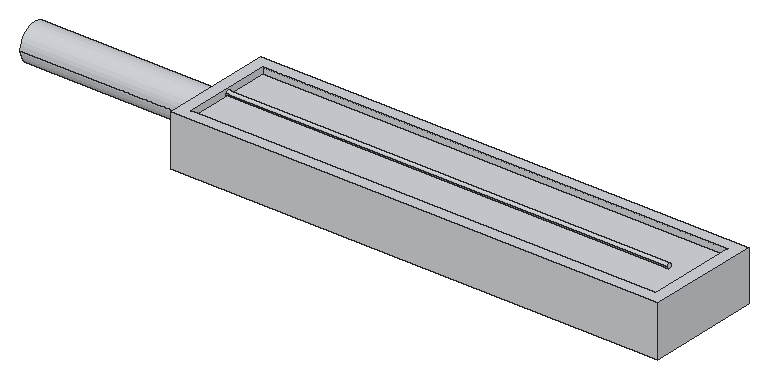
Revit family "ae80429d2f2e4f6da438d65d18c90d53", category Pipe Accessories, Revit 2021
Family settings
  Round Connector Dimension = Use Radius
  Part Type = Sensor
  OmniClass Number = 23.60.10.11
  OmniClass Title = Temperature Measuring Instruments
  Seek Item ID = Temperature Gauge-0000-USA-ENU
  Work Plane-Based = No
  Always vertical = Yes
  Cut with Voids When Loaded = No
  Shared = No
Parameters (values of type "6" Stem - 3/4"")
  Thickness 2 = Thickness / 24  # 0' - 0.04427"
  Thickness 1 = Thickness / 4 + Thickness / 8  # 0' - 0 51/128"
  Loss Method = Not Defined
  Length 2 = 2 * Length 1  # 0' - 0.475"
  Length = 0' - 2 3/8"
  Thickness = 0' - 1 1/16"
  Stem Length = 0' - 6"
  Nominal Radius = 3/8"
  Nominal Diameter = Nominal Radius * 2  # 3/4"
  Length 1 = 0.1 * Length  # 0' - 0.2375"
  Height 2 = Height - Stem Length  # 1' - 2 1/16"
  Height 1 = Height 2 - 0' 10 1/4"  # 0' - 3 13/16"
  Height = 1' - 8 1/16"
  Gauge Material = none
  Default Elevation = 0' - 0"
Types (3): name | Stem Length | Height 2 | Height 1 | Height
  (no name) | 0' - 6" | 1' - 2 1/16" | 0' - 3 13/16" | 1' - 8 1/16"
  3 1/2" Stem - 3/4" | 0' - 3 1/2" | 1' - 1 7/8" | 0' - 3 5/8" | 1' - 5 3/8"
  6" Stem - 3/4" | 0' - 6" | 1' - 2 1/16" | 0' - 3 13/16" | 1' - 8 1/16"
Reference planes (in)
  plane 1 "Center (Front/Back)": y = 0
  plane 2: z = 0
  plane 3 "Center (Left/Right)": x = 0
  plane 4: x = 3.8125
  plane 5: x = 14.0625
  plane 6: z = 0.53125
  plane 7: z = -0.53125
  plane 8: z = 0.26562
  plane 9: z = -0.26563
  plane 10: z = 0.39844
  plane 11: y = 1.1875
  plane 12: y = -1.1875
  plane 13: y = 0.95
  plane 14: x = 13.825
  plane 15: x = 4.05
  plane 16: y = -0.95
  plane 17: z = 0.46484
  plane 18: x = 13.35
Forms (in)
  Sweep 1, solid, material <- "Gauge Material", detail levels fine
    path in 3D
      loop
        line (0, 0, 0) -> (3.8125, 0, 0)
    profile origin (1.90625, 0, 0) x (0, 1, 0) y (0, 0, 1)
      loop
        circle (0, 0) r 0.375
  Extrusion 2, solid, material <- "Gauge Material", detail levels fine
    sketch origin (0, 0, 0) x (1, 0, 0) y (0, 1, 0)
      loop
        line (3.8125, 1.1875) -> (3.8125, -1.1875) -> (14.0625, -1.1875) -> (14.0625, 1.1875) -> (3.8125, 1.1875)
    from -0.53125 to 0.39844
  Extrusion 3, solid, material <- "Gauge Material", detail levels fine
    sketch origin (0, 0, 0) x (1, 0, 0) y (0, 1, 0)
      loop
        line (4.05, 0.95) -> (4.05, -0.95) -> (13.825, -0.95) -> (13.825, 0.95) -> (4.05, 0.95)
      loop
        line (3.8125, 1.1875) -> (3.8125, -1.1875) -> (14.0625, -1.1875) -> (14.0625, 1.1875) -> (3.8125, 1.1875)
    from 0.39844 to 0.53125
  Extrusion 4, solid, material <- "Gauge Material", detail levels fine
    sketch origin (0, 0, 0) x (0, 1, 0) y (0, 0, 1)
      loop
        circle (0, 0.46484) r 0.04427
    from 4.05 to 13.35
Cuts and joins
  joined: Sweep 1, Extrusion 2, Extrusion 3, Extrusion 4
Lines and regions (in)
  model lines, detail levels coarse+medium
    curve 1: line (0, 0, 0) -> (3.8125, 0, 0)
    curve 3: line (3.8125, 1.1875, 0) -> (14.0625, 1.1875, 0)
    curve 4: line (3.8125, -1.1875, 0) -> (3.8125, 1.1875, 0)
    curve 5: line (14.0625, -1.1875, 0) -> (3.8125, -1.1875, 0)
    curve 6: line (14.0625, 1.1875, 0) -> (14.0625, -1.1875, 0)
  sketch lines
    curve 2: line (0, 0, 0) -> (3.8125, 0, 0)
Dimensions and locks (in)
  "Height 1": plane 3 "Center (Left/Right)" to plane 4
  "Height 2": plane 3 "Center (Left/Right)" to plane 5
  equal spacing: plane 6, plane 2, plane 7
  "Thickness": plane 6 to plane 7
  equal spacing: plane 6, plane 8, plane 2
  equal spacing: plane 2, plane 9, plane 7
  equal spacing: plane 6, plane 10, plane 8
  "Length": plane 11 to plane 12
  equal spacing: plane 11, plane 1 "Center (Front/Back)", plane 12
  "Length 1": plane 11 to plane 13
  "Length 1": plane 14 to plane 5
  "Length 1": plane 4 to plane 15
  "Length 1": plane 16 to plane 12
  equal spacing: plane 6, plane 17, plane 10
  "Length 2": plane 18 to plane 14
  "Nominal Radius": radius of Sweep 1 sketch curve
  "Thickness 2": radius of Extrusion 4 sketch curve
  aligned and locked: plane 3 "Center (Left/Right)" to curve 1
  aligned and locked: plane 4 to curve 1
  aligned and locked: plane 1 "Center (Front/Back)" to curve 1
  aligned and locked: Extrusion 2 sketch curve to plane 11
  aligned and locked: plane 4 to Extrusion 2 sketch curve
  aligned and locked: plane 12 to Extrusion 2 sketch curve
  aligned and locked: Extrusion 2 sketch curve to plane 5
  aligned and locked: Extrusion 2 to plane 7
  aligned and locked: plane 10 to Extrusion 2
  aligned and locked: plane 4 to Extrusion 3 sketch curve
  aligned and locked: Extrusion 3 sketch curve to plane 11
  aligned and locked: Extrusion 3 sketch curve to plane 5
  aligned and locked: plane 12 to Extrusion 3 sketch curve
  aligned and locked: plane 15 to Extrusion 3 sketch curve
  aligned and locked: Extrusion 3 sketch curve to plane 13
  aligned and locked: Extrusion 3 sketch curve to plane 14
  aligned and locked: plane 16 to Extrusion 3 sketch curve
  aligned and locked: Extrusion 3 to plane 10
  aligned and locked: plane 6 to Extrusion 3
  aligned and locked: plane 4 to curve 4
  aligned and locked: curve 3 to plane 11
  aligned and locked: curve 6 to plane 5
  aligned and locked: plane 12 to curve 5
  aligned and locked: plane 1 "Center (Front/Back)" to Extrusion 4 sketch curve
  aligned and locked: plane 17 to Extrusion 4 sketch curve
  aligned and locked: Extrusion 4 to plane 15
  aligned and locked: plane 18 to Extrusion 4
Automatic sketch dimensions
  Sweep 1 sketch curve to profile plane = 0' - 0"  (x2)
Connectors (in)
  piping at (0, 0, 0), diameter 0.75, driven by "Nominal Radius"
    settings: on cut or joined group of Sweep 1, Extrusion 2, Extrusion 3, Extrusion 4, index 1, connector inside diameter 3/4", connector length 0' - 0", flow factor 0, pipe flow 0 GPM, pressure drop 0.00 psi, fitting loss kfactor 0, connector angle 0.00°, fixture units 0, engagement length 0' - 0", angle of deflection 0.00°, flow configuration 0, flow direction 0, fitting loss method 0, system type 28, joint type 0, gender type 0, connector reference index -1, connector utility 0, adjustable connector no, is connector primary yes, connector description ""
